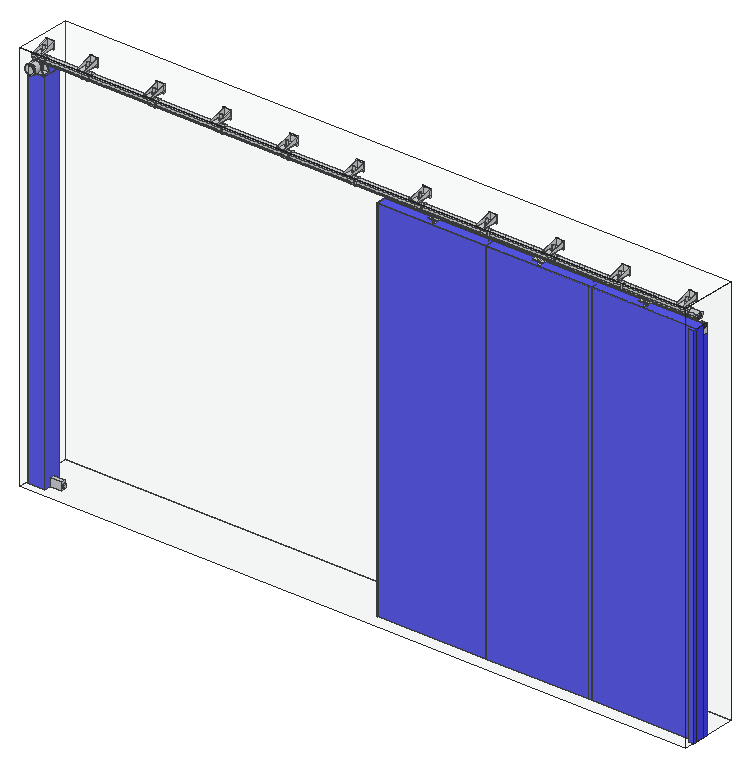
Revit family "Somati-System_SGS_Horizontal-fire-sliding-door_9040_lintel_counterweight-behind-door-access_EI60_W-to-H-less-or-equal-1,3", category Doors, host Wall, Revit 2018
Family settings
  Host = Wall
  OmniClass Number = 23.30.10.00
  OmniClass Title = Doors
  Always vertical = Yes
  Cut with Voids When Loaded = No
  Shared = No
  Room Calculation Point = No
Parameters (values of type "EI 60")
  Youtube clip = "https://www.youtube.com/watch?v=pRjbxBvixFY&feature=emb_logo"
  Wing top offset [instance] = 88 mm  # constant formula
  Wing thickness = 71.2 mm
  Wing middle offset = 80 mm
  Wing access (D) [instance] = [Width (W)] + 150 mm  # 3150 mm
  Width (W) [instance] = 3000 mm
  Weight Net (Kg) = "0"
  Uniformat II Description = ""
  Uniformat II Code = ""
  Uniclass 2015 Name = ""
  Uniclass 2015 Code = ""
  Uniclass 2.0 Description = ""
  Uniclass 2.0 Code = ""
  Uniclass 1.4 Description = ""
  Uniclass 1.4 Code = ""
  UNSPSC Code = ""
  Total height (Z) [instance] = Height Control + 315 mm  # 3815 mm
  Thickness = 0 mm
  Technical description = "https://somati-system.pl/en/download/sgs-download-en/"
  Region South America = "None"
  Region Oceania = "None"
  Region North America = "None"
  Region Middle East = "None"
  Region Europe = "AD, AL, AT, AX, BA, BE, BG, BY, CH, CY, CZ, DE, DK, EE, ES, FI, FO, FR, GB, GG, GI, GR, HR, HU, IE, IM, IS, IT, JE, LI, LT, LU, LV, MC, MD, ME, MK, MT, NL, NO, PL, PT, RO, RS, RU, SE, SI, SJ, SK, SM, UA, VA"
  Region Asia = "None"
  Region Antarctica = "None"
  Region Africa = "None"
  Rail and assembly materials [instance] = none
  QR code = "http://bimobject.com/somati-system/product/SGS_HORIZONTAL_FIRE_SLIDING_DOOR"
  Product url = "https://somati-system.pl/en/products/sgs-horizontal-fire-sliding-doors/"
  Product group = "SGS"
  Product family = "SGS"
  Product data url = "https://bimobject.com/somati-system/product/SGS_HORIZONTAL_FIRE_SLIDING_DOOR"
  Product certification = ""
  Product SKU = "SGS_HORIZONTAL_FIRE_SLIDING_DOOR"
  Product Guid = "8235eb12-0acf-4b60-9ca9-7613396e8d01"
  Power supply of control panel = "230V/50Hz/6A"  # constant formula
  Panel width [instance] = ([Width (W)] + 168 mm) / Number of panels in wing  # 1056 mm
  Panel material = Somati - Stainless Steel - Custom
  Panel height [instance] = Height Control + Wing top offset  # 3588 mm
  OmniClass Description = ""
  OmniClass Code = ""
  Offset Right [instance] = 0 mm
  Offset Left [instance] = [Counterweight housing (A2)]  # 180 mm
  Number of panels in wing [instance] = roundup([Width (W)] / 1000 mm)  # 3
  Number of hangers [instance] = ([Guide rail length (K)] - 420 mm) / 600 mm  # 10
  Nominal width = 0 mm
  Nominal height = 0 mm
  NBS Reference Description = ""
  NBS Reference Code = ""
  Model = "SGS"  # constant formula
  Max number of opening cycles = 50000  # constant formula
  Material secondary = "Composite"
  Material main = "Steel"
  Masterformat 2014 Description = ""
  Masterformat 2014 Code = ""
  Manufacturer name = "Somati System"
  Manufacturer country = "Poland"
  Manufacturer = "Somati System"  # constant formula
  Installation instructions = ""
  IFC Classification = ""
  Height Control [instance] = if([Height (H)] > 3500 mm, 3500 mm, [Height (H)])  # 3500 mm
  Height (H) [instance] = 3500 mm
  Guide rail lower edge (B1) [instance] = Height Control + 160 mm  # 3660 mm
  Guide rail length (K) [instance] = [Wing access (D)] + [Width (W)] + [Counterweight housing (A2)]  # 6330 mm
  Gate Control type = "Electromagnetic brake"  # constant formula
  GTIN code = ""
  Function = Interior
  Height = 3000 mm
  Wall Closure = By host
  Width = 3000 mm
  Fire resistance = "EI 60, EI 120 n"  # constant formula
  Edition number = 1
  Design country = "Poland"
  Date of publishing = ""
  Counterweight housing (A2) [instance] = if([Width (W)] / Height Control > 1.3, 310 mm, 180 mm)  # 180 mm
  Console mounting axis (B2) [instance] = if(Height Control > 3500 mm, Height Control + 239 mm, Height Control + 179 mm)  # 3679 mm
  Clearance Area Visibility [instance] = yes
  COBIe Type Category = ""
  Buffer (A1) [instance] = [Width (W)] + 280 mm  # 3280 mm
  Brand url = ""
  BIMobject main category code = "doors"
  BIMobject main category = "Doors"
  BIMobject category code = "doors-fire"
  BIMobject category = "Fire Doors & Shutters"
  Available surface fnish = "Galvanized Stainless Steel PVC, MDF, HDF, laminate or veneer, STANDARD RAL 7035, 9002, 9006, 9010, and powder coating of whole RAL pallet"  # constant formula
Reference planes
  plane 1: y = 0
  plane 2 "Center (Left/Right)": x = 0
  plane 3 "Left": x = -1500
  plane 4 "Right": x = 1500
  plane 5 "Cutout height": z = 3500
  plane 6 "Exterior": y = 150
  plane 7 "Interior": y = -150
  plane 8 "Consoles mounting axis": z = 3679
  plane 9 "Total height top": z = 3815
  plane 10 "Guide rail bottom": z = 3660
  plane 11 "Wing access": x = -4650
  plane 12 "Buffer placement": x = -4780
  plane 13 "Handle": z = 1050
  plane 14 "Wing end left": x = -1608
  plane 15 "Wing end top": z = 3588
  plane 16 "Wing end right": x = 1500
  plane 17: y = -324
  plane 18 "Wing axis": y = -230
  plane 19: y = -75
  plane 20: y = -184.9
  plane 21: y = -275.1
  plane 22: x = -1610
  plane 23 "end of hangers": x = -4440
  plane 24: x = -1040
  plane 25: x = -1545
  plane 26: y = -300.1
  plane 27: y = -159.9
  plane 28: x = -4960
  plane 29: x = -4789
  plane 30: x = -4874.5
  plane 31: x = 1500
  plane 32: x = -4960
  plane 33: x = -4870
  plane 34: z = 3740
  plane 35: y = -400.45
  plane 36: z = 3654
  plane 37: x = 1370
Forms (mm)
  Sweep 1, solid
    path origin (0, -150, 0) x (1, 0, 0) y (0, 0, 1)
      loop
        line (-1500, 0) -> (-1500, 3482) -> (1500, 3482)
    profile origin (-1500, -150, 1741) x (-1, 0, 0) y (0, -1, 0)
      loop
        line (18, 33) -> (18, 4)
        arc (18, 4) -> (19.172, 1.172) -> (22, 0) r 4
        line (22, 0) -> (64, 0)
        arc (64, 0) -> (66.828, 1.172) -> (68, 4) r 4
        line (68, 4) -> (68, 29)
        arc (68, 29) -> (68.586, 30.414) -> (70, 31) r 2
        line (70, 31) -> (91, 31) -> (91, 33) -> (18, 33)
  Sweep 2, solid, material "Somati - Stainless Steel - Custom" <- "Panel material"
    path origin (0, -150, 0) x (1, 0, 0) y (0, 0, 1)
      loop
        line (-1608, 3588) -> (-1608, 0)
    profile origin (-1608, -150, 1794) x (0, -1, 0) y (1, 0, 0)
      loop
        arc (18.1, 2) -> (19.272, -0.828) -> (22.1, -2) r 4
        line (22.1, -2) -> (114.1, -2)
        arc (114.1, -2) -> (116.928, -0.828) -> (118.1, 2) r 4
        line (118.1, 2) -> (118.1, 13) -> (116.1, 13) -> (116.1, 2)
        arc (116.1, 2) -> (115.514, 0.586) -> (114.1, 0) r 2
        line (114.1, 0) -> (22.1, 0)
        arc (22.1, 0) -> (20.686, 0.586) -> (20.1, 2) r 2
        line (20.1, 2) -> (20.1, 23) -> (18.1, 23) -> (18.1, 2)
  Sweep 3, solid, material "Somati - Stainless Steel - Custom" <- "Panel material"
    path origin (0, -150, 0) x (1, 0, 0) y (0, 0, 1)
      loop
        line (-1610, 3588) -> (1500, 3588)
    profile origin (-55, -150, 3588) x (0, 0, 1) y (0, -1, 0)
      loop
        line (-23, 19.5) -> (-23, 17.5) -> (-2, 17.5)
        arc (-2, 17.5) -> (0.828, 18.672) -> (2, 21.5) r 4
        line (2, 21.5) -> (2, 117.5) -> (0, 117.5) -> (0, 21.5)
        arc (0, 21.5) -> (-0.586, 20.086) -> (-2, 19.5) r 2
        line (-2, 19.5) -> (-23, 19.5)
  Sweep 4, solid, material <- "Rail and assembly materials"
    path origin (0, -230, 0) x (0, 0, -1) y (-1, 0, 0)
      loop
        line (-3655.5, 4960) -> (-3655.5, -1500)
    profile origin (-1730, -230, 3655.5) x (0, 0, -1) y (0, 1, 0)
      loop
        line (-4.5, -10) -> (-7.5, -10) -> (-7.5, -17.27)
        arc (-7.5, -17.27) -> (-7.68, -17.833) -> (-8.154, -18.187) r 0.97
        line (-8.154, -18.187) -> (-21.563, -22.805)
        arc (-21.563, -22.805) -> (-22.137, -22.951) -> (-22.728, -23) r 3.578
        line (-22.728, -23) -> (-45.523, -23)
        arc (-45.523, -23) -> (-46.214, -22.714) -> (-46.5, -22.023) r 0.977
        line (-46.5, -22.023) -> (-46.5, 21.985)
        arc (-46.5, 21.985) -> (-46.203, 22.703) -> (-45.485, 23) r 1.015
        line (-45.485, 23) -> (-22.73, 23)
        arc (-22.73, 23) -> (-22.137, 22.951) -> (-21.56, 22.804) r 3.593
        line (-21.56, 22.804) -> (-8.141, 18.183)
        arc (-8.141, 18.183) -> (-7.677, 17.836) -> (-7.5, 17.283) r 0.951
        line (-7.5, 17.283) -> (-7.5, 10) -> (-4.5, 10) -> (-4.5, 19.391)
        arc (-4.5, 19.391) -> (-4.707, 20) -> (-5.242, 20.357) r 1
        line (-5.242, 20.357) -> (-20.589, 25.643)
        arc (-20.589, 25.643) -> (-21.5, 25.91) -> (-22.445, 26) r 5
        line (-22.445, 26) -> (-46.5, 26)
        arc (-46.5, 26) -> (-48.621, 25.121) -> (-49.5, 23) r 3
        line (-49.5, 23) -> (-49.5, -23)
        arc (-49.5, -23) -> (-48.621, -25.121) -> (-46.5, -26) r 3
        line (-46.5, -26) -> (-22.445, -26)
        arc (-22.445, -26) -> (-21.5, -25.91) -> (-20.589, -25.643) r 5
        line (-20.589, -25.643) -> (-5.242, -20.357)
        arc (-5.242, -20.357) -> (-4.707, -20) -> (-4.5, -19.391) r 1
        line (-4.5, -19.391) -> (-4.5, -10)
  Extrusion 5, solid, material "Clearance Areas", visible <- "Clearance Area Visibility"
    sketch origin (-2209.467, 358.585, 220.701) x (1, 0, 0) y (0, 0, -1)
      loop
        line (-2750.533, 220.701) -> (-2750.533, -3594.299) -> (3709.467, -3594.299) -> (3709.467, 220.701) -> (-2750.533, 220.701)
    from -759.035 to -208.585
  Sweep 6, solid, material "Somati - Stainless Steel - Custom" <- "Panel material"
    path origin (0, -150, 0) x (1, 0, 0) y (0, 0, 1)
      loop
        line (-4960, 0) -> (-4960, 3588)
    profile origin (-4960, -150, 1794) x (-1, 0, 0) y (0, -1, 0)
      loop
        line (-171, 161) -> (-171, 0) -> (0, 0) -> (0, 161) -> (-171, 161)
      loop
        line (-168, 3) -> (-3, 3) -> (-3, 157) -> (-168, 157) -> (-168, 3)
  Sweep 7, solid, material "Somati - Stainless Steel - Custom" <- "Panel material"
    path origin (0, -150, 0) x (1, 0, 0) y (0, 0, 1)
      loop
        line (1500, 0) -> (1500, 3588)
    profile origin (1500, -150, 1794) x (-1, 0, 0) y (0, -1, 0)
      loop
        line (51, 0) -> (51, 33) -> (2, 33) -> (2, 124) -> (48, 124) -> (48, 161) -> (0, 161) -> (0, 0) -> (51, 0)
Lines and regions (mm)
  Opening 1
    outline origin (-3050, -150, 0) x (1, 0, 0) y (0, 0, 1)
      loop
        line (1550, 0) -> (4550, 0) -> (4550, 3500) -> (1550, 3500) -> (1550, 0)
Text (mm)
  text "Exterior" at (-2295.016, 1099.543, 0), in view "Ref. Level"
  text "Exterior" at (0, 1615.38, 3698.081), in view "Left"
  text "Exterior" at (0, 1036.032, 3874.932), in view "Right"
Dimensions and locks
  equal spacing: plane 3 "Left", plane 2 "Center (Left/Right)", plane 4 "Right"
  "Width (W)": plane 3 "Left" to plane 4 "Right"
  "Height Control": plane 5 "Cutout height" to host wall
  host wall to plane 5 "Cutout height" = 3500 mm  (x2)
  locked: plane 6 "Exterior" to host wall at 0
  locked: plane 7 "Interior" to host wall
  "Total height (Z)": plane 9 "Total height top" to level
  "Console mounting axis (B2)": plane 8 "Consoles mounting axis" to level
  "Guide rail lower edge (B1)": plane 10 "Guide rail bottom" to level
  "Buffer (A1)": plane 12 "Buffer placement" to plane 3 "Left"
  "Wing access (D)": plane 11 "Wing access" to plane 3 "Left"
  locked: plane 13 "Handle" to level at 1050
  equal spacing: plane 20, plane 18 "Wing axis", plane 21
  equal spacing: group 1, group 6, group 2  (x3)
  "Wing top offset": plane 15 "Wing end top" to plane 5 "Cutout height"
  locked: plane 22 to plane 14 "Wing end left" at 2
  locked: Sweep 1 sketch curve to plane 5 "Cutout height" at 18
  locked: plane 23 "end of hangers" to plane 11 "Wing access" at 210
  equal spacing: group 4, group 13, group 12, group 11, group 10, group 9, group 8, group 7, group 5, group 3
  equal spacing: group 3, group 5, group 7, group 8, group 9, group 10, group 11, group 12, group 13, group 4  (x2)
  locked: plane 25 to plane 3 "Left" at 45
  locked: plane 27 to plane 20 at 25
  locked: plane 21 to plane 26 at 25
  locked: plane 14 "Wing end left" to plane 3 "Left" at 108
  "Counterweight housing (A2)": plane 28 to plane 12 "Buffer placement"
  locked: Sweep 6 sketch curve to Sweep 6 sketch curve at 3  (x2)
  locked: plane 29 to plane 12 "Buffer placement" at 9
  equal spacing: plane 29, plane 30, plane 28
  "Offset Left": plane 32 to plane 12 "Buffer placement"
  "Offset Right": plane 4 "Right" to plane 31
  equal spacing: plane 28, plane 33, plane 12 "Buffer placement"
  "Wing middle offset": host wall to plane 18 "Wing axis"
  plane 9 "Total height top" to plane 5 "Cutout height" = 315 mm
  locked: host wall to plane 35 at 250.45
  locked: plane 36 to plane 15 "Wing end top" at 66
  locked: plane 31 to plane 37 at 130
  locked: plane 18 "Wing axis" to host wall at 80
  aligned and locked: plane 3 "Left" to Opening 1 sketch curve
  aligned and locked: plane 5 "Cutout height" to Opening 1 sketch curve  (x2)
  aligned and locked: Opening 1 sketch curve to plane 4 "Right"
  aligned and locked: Opening 1 sketch curve to level
  aligned and locked: host wall to plane 1
  aligned and locked: nested 1 to plane 18 "Wing axis"
  aligned and locked: plane 14 "Wing end left" to nested 1
  aligned and locked: plane 16 "Wing end right" to nested 2
  aligned and locked: Sweep 1 sketch curve to plane 3 "Left"
  aligned and locked: plane 3 "Left" to Sweep 1 sketch curve
  aligned and locked: plane 4 "Right" to Sweep 1 sketch curve
  aligned and locked: level to Sweep 1 sketch curve
  aligned and locked: Sweep 2 sketch curve to plane 14 "Wing end left"
  aligned and locked: plane 15 "Wing end top" to Sweep 2 sketch curve
  aligned and locked: level to Sweep 2 sketch curve
  aligned and locked: Sweep 3 sketch curve to plane 15 "Wing end top"
  aligned and locked: Sweep 3 sketch curve to plane 22
  aligned and locked: plane 16 "Wing end right" to Sweep 3 sketch curve
  aligned and locked: plane 18 "Wing axis" to nested 3
  aligned and locked: nested 4 to plane 23 "end of hangers"
  aligned and locked: Sweep 4 to plane 10 "Guide rail bottom"
  aligned and locked: plane 6 "Exterior" to Extrusion 5
  aligned and locked: plane 9 "Total height top" to Extrusion 5
  aligned and locked: nested 2 to plane 18 "Wing axis"
  aligned and locked: plane 18 "Wing axis" to nested 4
  aligned and locked: nested 6 to plane 18 "Wing axis"
  aligned and locked: nested 6 to plane 12 "Buffer placement"
  aligned and locked: plane 15 "Wing end top" to Sweep 6 sketch curve
  aligned and locked: Sweep 6 sketch curve to plane 28
  aligned and locked: Sweep 6 sketch curve to plane 29
  aligned and locked: Sweep 7 sketch curve to plane 4 "Right"
  aligned and locked: plane 15 "Wing end top" to Sweep 7 sketch curve
  aligned and locked: plane 32 to Sweep 4 sketch curve
  aligned and locked: plane 31 to Sweep 4 sketch curve
  aligned and locked: host wall to nested 15
  aligned and locked: plane 9 "Total height top" to nested 3
  aligned and locked: plane 9 "Total height top" to nested 5
  aligned and locked: nested 15 to plane 9 "Total height top"
  aligned and locked: Extrusion 5 to plane 32
  aligned and locked: plane 31 to Extrusion 5
  aligned and locked: nested 15 to plane 33
  aligned and locked: nested 16 to plane 18 "Wing axis"
  aligned and locked: plane 33 to nested 16
  aligned and locked: Extrusion 5 to plane 35
  aligned and locked: nested 16 to plane 36
  aligned and locked: plane 31 to plane 16 "Wing end right"
  aligned and locked: nested 3 to plane 37
Automatic sketch dimensions
  Sweep 6 sketch curve to plane 28 = 0 mm
  Sweep 6 sketch curve to plane 13 "Handle" = 1050 mm
  plane 7 "Interior" to Sweep 1 sketch curve = 0 mm
  Sweep 1 sketch curve to profile plane = 18 mm
  Sweep 1 sketch curve to Sweep 1 sketch curve = 4 mm
  plane 7 "Interior" to Sweep 1 sketch curve = 4 mm
  Sweep 1 sketch curve to Sweep 1 sketch curve = 42 mm
  Sweep 1 sketch curve to Sweep 1 sketch curve = 2 mm
  Sweep 1 sketch curve to Sweep 1 sketch curve = 21 mm
  Sweep 1 sketch curve to Sweep 1 sketch curve = 25 mm
  Sweep 1 sketch curve to Sweep 1 sketch curve = 29 mm
  Sweep 2 sketch curve to Sweep 2 sketch curve = 0 mm  (x4)
  Sweep 2 sketch curve to profile plane = 0 mm
  Sweep 2 sketch curve to profile plane = 2 mm  (x2)
  plane 7 "Interior" to Sweep 2 sketch curve = 18.1 mm
  Sweep 2 sketch curve to Sweep 2 sketch curve = 2 mm
  Sweep 2 sketch curve to Sweep 2 sketch curve = 92 mm
  Sweep 2 sketch curve to Sweep 2 sketch curve = 11 mm
  Sweep 2 sketch curve to Sweep 2 sketch curve = 21 mm
  Sweep 3 sketch curve to Sweep 3 sketch curve = 0 mm  (x2)
  profile plane to Sweep 3 sketch curve = 0 mm
  profile plane to Sweep 3 sketch curve = 2 mm
  Sweep 3 sketch curve to Sweep 3 sketch curve = 21 mm
  Sweep 3 sketch curve to Sweep 3 sketch curve = 2 mm
  plane 7 "Interior" to Sweep 3 sketch curve = 17.5 mm
  Sweep 3 sketch curve to Sweep 3 sketch curve = 96 mm
  Extrusion 5 sketch curve to plane 9 "Total height top" = 0 mm
  Extrusion 5 sketch curve to plane 12 "Buffer placement" = 180 mm
  Extrusion 5 sketch curve to level = 0 mm
  Sweep 6 sketch curve to plane 7 "Interior" = 0 mm
  plane 7 "Interior" to Sweep 6 sketch curve = 3 mm
  Sweep 6 sketch curve to Sweep 6 sketch curve = 154 mm
  Sweep 6 sketch curve to Sweep 6 sketch curve = 4 mm
  Sweep 7 sketch curve to plane 13 "Handle" = 1050 mm
  plane 7 "Interior" to Sweep 7 sketch curve = 0 mm
  profile plane to Sweep 7 sketch curve = 0 mm
  Sweep 7 sketch curve to Sweep 7 sketch curve = 2 mm
  Sweep 7 sketch curve to profile plane = 48 mm
  Sweep 7 sketch curve to profile plane = 51 mm
  plane 7 "Interior" to Sweep 7 sketch curve = 33 mm
  Sweep 7 sketch curve to Sweep 7 sketch curve = 91 mm
  Sweep 7 sketch curve to Sweep 7 sketch curve = 37 mm
  Sweep 4 sketch curve to plane 10 "Guide rail bottom" = 4.5 mm
  profile plane to Sweep 4 sketch curve = 49.5 mm
  Sweep 4 sketch curve to Sweep 4 sketch curve = 3 mm  (x3)
  Sweep 4 sketch curve to Sweep 4 sketch curve = 0 mm
  Sweep 4 sketch curve to Sweep 4 sketch curve = 0.977 mm
  Sweep 4 sketch curve to Sweep 4 sketch curve = 1.015 mm  (x2)
  Sweep 4 sketch curve to Sweep 4 sketch curve = 22.755 mm
  Sweep 4 sketch curve to Sweep 4 sketch curve = 22.795 mm
  Sweep 4 sketch curve to Sweep 4 sketch curve = 0.282 mm
  Sweep 4 sketch curve to Sweep 4 sketch curve = 0.285 mm
  Sweep 4 sketch curve to Sweep 4 sketch curve = 1.165 mm
  Sweep 4 sketch curve to Sweep 4 sketch curve = 1.17 mm
  Sweep 4 sketch curve to Sweep 4 sketch curve = 1.857 mm  (x2)
  Sweep 4 sketch curve to Sweep 4 sketch curve = 13.093 mm
  Sweep 4 sketch curve to Sweep 4 sketch curve = 13.109 mm
  Sweep 4 sketch curve to Sweep 4 sketch curve = 0.316 mm
  Sweep 4 sketch curve to Sweep 4 sketch curve = 0.31 mm
  Sweep 4 sketch curve to Sweep 4 sketch curve = 0.951 mm
  Sweep 4 sketch curve to Sweep 4 sketch curve = 0.97 mm
  Sweep 4 sketch curve to Sweep 4 sketch curve = 2.641 mm
  Sweep 4 sketch curve to Sweep 4 sketch curve = 2.654 mm
  Sweep 4 sketch curve to Sweep 4 sketch curve = 0.258 mm  (x2)
  Sweep 4 sketch curve to Sweep 4 sketch curve = 1 mm
  Sweep 4 sketch curve to plane 18 "Wing axis" = 26 mm
  Sweep 4 sketch curve to Sweep 4 sketch curve = 0.357 mm
  Sweep 4 sketch curve to Sweep 4 sketch curve = 2 mm
  Sweep 4 sketch curve to Sweep 4 sketch curve = 0.195 mm
  Sweep 4 sketch curve to Sweep 4 sketch curve = 5.286 mm
  Sweep 4 sketch curve to Sweep 4 sketch curve = 1.204 mm
  Sweep 4 sketch curve to Sweep 4 sketch curve = 7.27 mm
  Sweep 4 sketch curve to Sweep 4 sketch curve = 20 mm
  Sweep 4 sketch curve to Sweep 4 sketch curve = 7.283 mm
  Sweep 4 sketch curve to Sweep 4 sketch curve = 2.108 mm
  Sweep 4 sketch curve to Sweep 4 sketch curve = 2.124 mm
  Sweep 4 sketch curve to Sweep 4 sketch curve = 1.593 mm
  Sweep 4 sketch curve to Sweep 4 sketch curve = 2.577 mm
  Extrusion 5 sketch curve to plane 16 "Wing end right" = 0 mm
Nested families
  nested 1: "Family2" at (-1080, -230, 0), Material <- "Panel material", Width <- "Panel width", Thickness <- "Wing thickness", Height <- "Panel height", type "Family2"
    with Width 1056 mm, Thickness 71.2 mm, Material Somati - Stainless Steel - Custom, Height 3588 mm
  nested 2: "Family2" at (972, -230, 0), Material <- "Panel material", Width <- "Panel width", Thickness <- "Wing thickness", Height <- "Panel height", type "Family2"
    with Width 1056 mm, Thickness 71.2 mm, Material Somati - Stainless Steel - Custom, Height 3588 mm
  nested 3: "Family3" at (1336, -230, 3725) x (0, 1, 0) z (1, 0, 0), type "Family3", detail levels medium+fine
  nested 4: "Family3" at (-4474, -230, 3725) x (0, 1, 0) z (1, 0, 0), type "Family3", detail levels medium+fine
  nested 5: "Family3" at (690.444, -230, 3725) x (0, 1, 0) z (1, 0, 0), type "Family3", detail levels medium+fine
  nested 6: "Stopper" at (-4730.037, -230, 0), type "Stopper", detail levels medium+fine
  nested 7: "Family2" at (-54, -230, 0), Material <- "Panel material", Width <- "Panel width", Thickness <- "Wing thickness", Height <- "Panel height", type "Family2"
    with Width 1056 mm, Thickness 71.2 mm, Material Somati - Stainless Steel - Custom, Height 3588 mm
  nested 8: "Family3" at (44.889, -230, 3725) x (0, 1, 0) z (1, 0, 0), type "Family3", detail levels medium+fine
  nested 9: "Family3" at (-600.667, -230, 3725) x (0, 1, 0) z (1, 0, 0), type "Family3", detail levels medium+fine
  nested 10: "Family3" at (-1246.222, -230, 3725) x (0, 1, 0) z (1, 0, 0), type "Family3", detail levels medium+fine
  nested 11: "Family3" at (-1891.778, -230, 3725) x (0, 1, 0) z (1, 0, 0), type "Family3", detail levels medium+fine
  nested 12: "Family3" at (-2537.333, -230, 3725) x (0, 1, 0) z (1, 0, 0), type "Family3", detail levels medium+fine
  nested 13: "Family3" at (-3182.889, -230, 3725) x (0, 1, 0) z (1, 0, 0), type "Family3", detail levels medium+fine
  nested 14: "Family3" at (-3828.444, -230, 3725) x (0, 1, 0) z (1, 0, 0), type "Family3", detail levels medium+fine
  nested 15: "Family3" at (-4836, -230, 3725) x (0, 1, 0) z (-1, 0, 0), type "Family3"
  nested 16: "brake" at (-4870, -230, 3633.165) x (1, 0, 0) z (0, -1, 0), type "brake"
Definition of nested family "Family2"
  Parameters (values of type "Family2")
    Width [instance] = 349.761 mm
    Thickness [instance] = 117.742 mm
    Material [instance] = none
    Height [instance] = 398.765 mm
    Hardware material = none
  Reference planes
    plane 1 "Center (Front/Back)": y = 0
    plane 2: z = 0
    plane 3 "Center (Left/Right)": x = 0
    plane 4: x = -174.88
    plane 5: x = 174.88
    plane 6: y = 58.871
    plane 7: y = -58.871
    plane 8: z = 398.765
  Forms (mm)
    Extrusion 1, solid, material <- "Material"
      sketch origin (0, 0, 0) x (1, 0, 0) y (0, 1, 0)
        loop
          line (-174.88, -58.871) -> (174.88, -58.871) -> (174.88, 58.871) -> (-174.88, 58.871) -> (-174.88, -58.871)
      from 0 to 398.765
  Dimensions and locks
    equal spacing: plane 4, plane 3 "Center (Left/Right)", plane 5
    "Width": plane 4 to plane 5
    equal spacing: plane 6, plane 1 "Center (Front/Back)", plane 7
    "Thickness": plane 6 to plane 7
    "Height": plane 8 to plane 2
    aligned and locked: level to plane 2
    aligned and locked: plane 6 to Extrusion 1
    aligned and locked: Extrusion 1 to plane 7
    aligned and locked: Extrusion 1 to plane 4
    aligned and locked: plane 5 to Extrusion 1
    aligned and locked: plane 6 to Extrusion 1 sketch curve
    aligned and locked: Extrusion 1 sketch curve to plane 7
    aligned and locked: Extrusion 1 sketch curve to plane 4
    aligned and locked: plane 5 to Extrusion 1 sketch curve
    aligned and locked: plane 8 to Extrusion 1
    aligned and locked: plane 3 "Center (Left/Right)" to nested 1
    aligned and locked: plane 1 "Center (Front/Back)" to nested 1
    aligned and locked: nested 1 to plane 8
  Nested families
    nested 1: "Family1" at (0, 0, 491.765), type "Family1", detail levels medium+fine
  Definition of nested family "Family1"
    Parameters (values of type "Family1")
      Material = none
    Reference planes
      plane 1 "Center (Front/Back)": y = 0
      plane 2: z = 0
      plane 3 "Center (Left/Right)": x = 0
      plane 4: y = 1.5
      plane 5: y = -1.5
      plane 6: z = -93
    Forms (mm)
      Extrusion 1, solid, material <- "Material"
        sketch origin (0, 0, 0) x (0, 1, 0) y (0, 0, 1)
          loop
            line (11, -54) -> (-26.5, -54) -> (-26.5, -60) -> (11, -60)
            arc (11, -60) -> (16.303, -57.803) -> (18.5, -52.5) r 7.5
            line (18.5, -52.5) -> (18.5, -45.5)
            arc (18.5, -45.5) -> (16.303, -40.197) -> (11, -38) r 7.5
            line (11, -38) -> (9, -38)
            arc (9, -38) -> (4.757, -36.243) -> (3, -32) r 6
            line (3, -32) -> (3, 17.5) -> (-3, 17.5) -> (-3, -32)
            arc (-3, -32) -> (0.515, -40.485) -> (9, -44) r 12
            line (9, -44) -> (11, -44)
            arc (11, -44) -> (12.061, -44.439) -> (12.5, -45.5) r 1.5
            line (12.5, -45.5) -> (12.5, -52.5)
            arc (12.5, -52.5) -> (12.061, -53.561) -> (11, -54) r 1.5
        from -45 to 45
      Revolve 2, solid, material <- "Material"
        sketch origin (0, 0, 0) x (1, 0, 0) y (0, 0, 1)
          loop
            arc (8.25, -46) -> (4.244, -44.507) -> (0, -44) r 18.016
            line (0, -44) -> (0, -184) -> (6.5, -184) -> (8, -182.5) -> (8, -91) -> (10.125, -91)
            arc (10.125, -91) -> (11.933, -90.664) -> (13.5, -89.7) r 5.031
            line (13.5, -89.7) -> (13.5, -84.8)
            arc (13.5, -84.8) -> (12.037, -83.478) -> (10.125, -83) r 4.064
            line (10.125, -83) -> (8, -83) -> (8, -71) -> (10.125, -71)
            arc (10.125, -71) -> (11.933, -70.664) -> (13.5, -69.7) r 5.031
            line (13.5, -69.7) -> (13.5, -64.8)
            arc (13.5, -64.8) -> (12.037, -63.478) -> (10.125, -63) r 4.064
            line (10.125, -63) -> (15, -63) -> (15, -60) -> (8, -60) -> (8, -54) -> (16.5, -54) -> (16.5, -46)
            arc (16.5, -46) -> (12.375, -44) -> (8.25, -46) r 5.254
          axis (0, -44) -> (0, -184)
        angle from 0 to 360
      Extrusion 3, void
        sketch origin (0, 0, 0) x (1, 0, 0) y (0, 0, 1)
          loop
            line (45, -25) -> (45, 17.5) -> (-45, 17.5) -> (-45, -25)
            arc (-45, -25) -> (0, 15) -> (45, -25) r 45.312
        from -23 to 30.5
      Extrusion 4, solid, material <- "Material"
        sketch origin (0, 0, 0) x (1, 0, 0) y (0, 0, 1)
          loop
            circle (70, 0) r 17
        from -17 to -7
      Sweep 5, void
        path in 3D
          loop
            arc (87, 7, 0) -> (70, 7, -17) -> (53, 7, 0) r 17
            arc (53, 7, 0) -> (70, 7, 17) -> (87, 7, 0) r 17
        profile origin (70, 7, 17) x (0, 0, 1) y (0, -1, 0)
          loop
            line (-1.5, 0) -> (0, -1.5) -> (0.954, -0.546) -> (-0.546, 0.954) -> (-1.5, 0)
      Sweep 6, void
        path in 3D
          loop
            arc (87, 17, 0) -> (70, 17, -17) -> (53, 17, 0) r 17
            arc (53, 17, 0) -> (70, 17, 17) -> (87, 17, 0) r 17
        profile origin (70, 17, 17) x (0, 0, -1) y (0, 1, 0)
          loop
            line (1.5, 0) -> (0.546, 0.954) -> (-0.954, -0.546) -> (0, -1.5) -> (1.5, 0)
      Extrusion 7, solid, material <- "Material"
        sketch origin (0, 0, 0) x (1, 0, 0) y (0, 0, 1)
          loop
            circle (70, 0) r 9
        from -7 to -3
      Extrusion 8, solid, material <- "Material"
        sketch origin (0, 0, 0) x (1, 0, 0) y (0, 0, -1)
          loop
            circle (70, 0) r 17
        from -17 to -7
      Sweep 9, void
        path in 3D
          loop
            arc (53, -7, 0) -> (70, -7, -17) -> (87, -7, 0) r 17
            arc (87, -7, 0) -> (70, -7, 17) -> (53, -7, 0) r 17
        profile origin (70, -7, 17) x (0, 0, 1) y (0, 1, 0)
          loop
            line (-1.5, 0) -> (0, -1.5) -> (0.954, -0.546) -> (-0.546, 0.954) -> (-1.5, 0)
      Sweep 10, void
        path in 3D
          loop
            arc (87, -17, 0) -> (70, -17, -17) -> (53, -17, 0) r 17
            arc (53, -17, 0) -> (70, -17, 17) -> (87, -17, 0) r 17
        profile origin (70, -17, 17) x (0, 0, 1) y (0, -1, 0)
          loop
            line (-1.5, 0) -> (0, -1.5) -> (0.954, -0.546) -> (-0.546, 0.954) -> (-1.5, 0)
      Extrusion 11, solid, material <- "Material"
        sketch origin (0, 0, 0) x (1, 0, 0) y (0, 0, -1)
          loop
            circle (70, 0) r 9
        from -7 to -3
      Extrusion 12, solid, material <- "Material"
        sketch origin (0, 0, 0) x (-1, 0, 0) y (0, 0, -1)
          loop
            circle (70, 0) r 17
        from -17 to -7
      Sweep 13, void
        path in 3D
          loop
            arc (-53, 7, 0) -> (-70, 7, -17) -> (-87, 7, 0) r 17
            arc (-87, 7, 0) -> (-70, 7, 17) -> (-53, 7, 0) r 17
        profile origin (-70, 7, 17) x (0, 0, 1) y (0, -1, 0)
          loop
            line (-1.5, 0) -> (0, -1.5) -> (0.954, -0.546) -> (-0.546, 0.954) -> (-1.5, 0)
      Sweep 14, void
        path in 3D
          loop
            arc (-87, 17, 0) -> (-70, 17, -17) -> (-53, 17, 0) r 17
            arc (-53, 17, 0) -> (-70, 17, 17) -> (-87, 17, 0) r 17
        profile origin (-70, 17, 17) x (0, 0, 1) y (0, 1, 0)
          loop
            line (-1.5, 0) -> (0, -1.5) -> (0.954, -0.546) -> (-0.546, 0.954) -> (-1.5, 0)
      Extrusion 15, solid, material <- "Material"
        sketch origin (0, 0, 0) x (-1, 0, 0) y (0, 0, -1)
          loop
            circle (70, 0) r 9
        from -7 to -1.5
      Extrusion 16, solid, material <- "Material"
        sketch origin (0, 0, 0) x (-1, 0, 0) y (0, 0, 1)
          loop
            circle (70, 0) r 17
        from -17 to -7
      Sweep 17, void
        path in 3D
          loop
            arc (-87, -7, 0) -> (-70, -7, -17) -> (-53, -7, 0) r 17
            arc (-53, -7, 0) -> (-70, -7, 17) -> (-87, -7, 0) r 17
        profile origin (-70, -7, 17) x (0, 0, 1) y (0, 1, 0)
          loop
            line (-1.5, 0) -> (0, -1.5) -> (0.954, -0.546) -> (-0.546, 0.954) -> (-1.5, 0)
      Sweep 18, void
        path in 3D
          loop
            arc (-87, -17, 0) -> (-70, -17, -17) -> (-53, -17, 0) r 17
            arc (-53, -17, 0) -> (-70, -17, 17) -> (-87, -17, 0) r 17
        profile origin (-70, -17, 17) x (0, 0, -1) y (0, -1, 0)
          loop
            line (1.5, 0) -> (0.546, 0.954) -> (-0.954, -0.546) -> (0, -1.5) -> (1.5, 0)
      Extrusion 19, solid, material <- "Material"
        sketch origin (0, 0, 0) x (-1, 0, 0) y (0, 0, 1)
          loop
            circle (70, 0) r 9
        from -7 to -1.5
      Extrusion 20, solid, material <- "Material"
        sketch origin (0, 0, 0) x (1, 0, 0) y (0, 0, 1)
          loop
            line (87, 17.5) -> (-87, 17.5)
            arc (-87, 17.5) -> (-89.121, 16.621) -> (-90, 14.5) r 3
            line (-90, 14.5) -> (-90, -14.5)
            arc (-90, -14.5) -> (-89.121, -16.621) -> (-87, -17.5) r 3
            line (-87, -17.5) -> (-50, -17.5) -> (-50, -12.5) -> (-24.592, -12.5) -> (24.592, -12.5) -> (50, -12.5) -> (50, -17.5) -> (87, -17.5)
            arc (87, -17.5) -> (89.121, -16.621) -> (90, -14.5) r 3
            line (90, -14.5) -> (90, 14.5)
            arc (90, 14.5) -> (89.121, 16.621) -> (87, 17.5) r 3
        from -1.5 to 1.5
      Revolve 21, solid, material <- "Material"
        sketch origin (0, 0, 0) x (0, 1, 0) y (0, 0, 1)
          loop
            arc (-22.5, -52.2) -> (-24.522, -52.351) -> (-26.5, -52.8) r 13.633
            line (-26.5, -52.8) -> (-26.5, -54) -> (-22.5, -54) -> (-22.5, -52.2)
          axis (-22.5, -54) -> (-22.5, -52.2)
        angle from 0 to 360
    Cuts and joins
      Extrusion 3 cuts Extrusion 1
      Sweep 5, Sweep 6, Sweep 9, Sweep 10, Sweep 13, Sweep 14 cuts Extrusion 4
      Sweep 9, Sweep 10, Sweep 17, Sweep 18 cuts Extrusion 8
      Sweep 13, Sweep 14 cuts Extrusion 12
      Sweep 17, Sweep 18 cuts Extrusion 16
    Lines and regions (mm)
      sketch lines
        curve 1: arc (53, 7, 0) -> (70, 7, 17) -> (87, 7, 0) r 17
        curve 2: arc (87, 7, 0) -> (70, 7, -17) -> (53, 7, 0) r 17
        curve 3: arc (53, 17, 0) -> (70, 17, 17) -> (87, 17, 0) r 17
        curve 4: arc (87, 17, 0) -> (70, 17, -17) -> (53, 17, 0) r 17
        curve 5: arc (87, -7, 0) -> (70, -7, 17) -> (53, -7, 0) r 17
        curve 6: arc (53, -7, 0) -> (70, -7, -17) -> (87, -7, 0) r 17
        curve 7: arc (53, -17, 0) -> (70, -17, 17) -> (87, -17, 0) r 17
        curve 8: arc (87, -17, 0) -> (70, -17, -17) -> (53, -17, 0) r 17
        curve 9: arc (-87, 7, 0) -> (-70, 7, 17) -> (-53, 7, 0) r 17
        curve 10: arc (-53, 7, 0) -> (-70, 7, -17) -> (-87, 7, 0) r 17
        curve 11: arc (-53, 17, 0) -> (-70, 17, 17) -> (-87, 17, 0) r 17
        curve 12: arc (-87, 17, 0) -> (-70, 17, -17) -> (-53, 17, 0) r 17
        curve 13: arc (-53, -7, 0) -> (-70, -7, 17) -> (-87, -7, 0) r 17
        curve 14: arc (-87, -7, 0) -> (-70, -7, -17) -> (-53, -7, 0) r 17
        curve 15: arc (-53, -17, 0) -> (-70, -17, 17) -> (-87, -17, 0) r 17
        curve 16: arc (-87, -17, 0) -> (-70, -17, -17) -> (-53, -17, 0) r 17
    Dimensions and locks
      aligned and locked: level to plane 2
Definition of nested family "Family3"
  Parameters (values of type "Family3")
    Material = none
    Default Elevation = 1219.2 mm
  Reference planes
    plane 1 "Center (Front/Back)": y = 0
    plane 2: z = 0
    plane 3 "Center (Left/Right)": x = 0
    plane 4: z = 34
    plane 5: y = -35.027
  Forms (mm)
    Extrusion 1, solid, material <- "Material"
      sketch origin (-42.203, -131.551, 0) x (1, 0, 0) y (0, 1, 0)
        loop
          arc (19.203, 116.051) -> (13.899, 113.854) -> (11.703, 108.551) r 7.5
          line (11.703, 108.551) -> (11.703, 84.496)
          arc (11.703, 84.496) -> (11.874, 82.7) -> (12.382, 80.969) r 9.5
          line (12.382, 80.969) -> (17.498, 66.134)
          arc (17.498, 66.134) -> (19.461, 63.19) -> (22.812, 62.051) r 5.5
          line (22.812, 62.051) -> (32.203, 62.051) -> (32.203, 66.551) -> (22.812, 66.551)
          arc (22.812, 66.551) -> (22.203, 66.758) -> (21.846, 67.293) r 1
          line (21.846, 67.293) -> (16.56, 82.64)
          arc (16.56, 82.64) -> (16.293, 83.551) -> (16.203, 84.496) r 5
          line (16.203, 84.496) -> (16.203, 108.551)
          arc (16.203, 108.551) -> (17.081, 110.672) -> (19.203, 111.551) r 3
          line (19.203, 111.551) -> (65.203, 111.551)
          arc (65.203, 111.551) -> (67.324, 110.672) -> (68.203, 108.551) r 3
          line (68.203, 108.551) -> (68.203, 84.496)
          arc (68.203, 84.496) -> (68.112, 83.551) -> (67.845, 82.64) r 5
          line (67.845, 82.64) -> (62.56, 67.293)
          arc (62.56, 67.293) -> (62.203, 66.758) -> (61.593, 66.551) r 1
          line (61.593, 66.551) -> (52.203, 66.551) -> (52.203, 62.051) -> (61.593, 62.051)
          arc (61.593, 62.051) -> (64.944, 63.19) -> (66.908, 66.134) r 5.5
          line (66.908, 66.134) -> (72.023, 80.969)
          arc (72.023, 80.969) -> (72.531, 82.7) -> (72.703, 84.496) r 9.5
          line (72.703, 84.496) -> (72.703, 108.551)
          arc (72.703, 108.551) -> (70.506, 113.854) -> (65.203, 116.051) r 7.5
          line (65.203, 116.051) -> (19.203, 116.051)
      from 0 to 68
    Revolve 2, solid, material <- "Material"
      sketch origin (0, 0, 30.25) x (1, 0, 0) y (0, 1, 0)
        loop
          line (0, -15.5) -> (8, -15.5) -> (8, 14) -> (10.125, 14)
          arc (10.125, 14) -> (11.933, 14.336) -> (13.5, 15.3) r 5.031
          line (13.5, 15.3) -> (13.5, 20.2)
          arc (13.5, 20.2) -> (12.038, 21.522) -> (10.125, 22) r 4.064
          line (10.125, 22) -> (15, 22) -> (15, 25) -> (0, 25) -> (0, -15.5)
        loop
          line (15, 33) -> (10.125, 33)
          arc (10.125, 33) -> (11.933, 33.336) -> (13.5, 34.3) r 5.031
          line (13.5, 34.3) -> (13.5, 39.2)
          arc (13.5, 39.2) -> (12.037, 40.522) -> (10.125, 41) r 4.064
          line (10.125, 41) -> (8, 41) -> (8, 73) -> (6.5, 74.5) -> (0, 74.5) -> (0, 30) -> (15, 30) -> (15, 33)
        axis (0, 74.5) -> (0, -15.5)
      angle from 0 to 360
    Extrusion 3, solid, material <- "Material"
      sketch origin (0, 0, 0) x (0, 1, 0) y (0, 0, -1)
        loop
          line (80, 7.25) -> (31, 7.25)
          arc (31, 7.25) -> (26.757, 5.493) -> (25, 1.25) r 6
          line (25, 1.25) -> (25, -61.75)
          arc (25, -61.75) -> (26.757, -65.993) -> (31, -67.75) r 6
          line (31, -67.75) -> (80, -67.75) -> (80, -62.75) -> (31, -62.75)
          arc (31, -62.75) -> (30.293, -62.457) -> (30, -61.75) r 1
          line (30, -61.75) -> (30, 1.25)
          arc (30, 1.25) -> (30.293, 1.957) -> (31, 2.25) r 1
          line (31, 2.25) -> (80, 2.25) -> (80, 7.25)
      from -75 to 75
    Extrusion 4, solid, material <- "Material"
      sketch origin (0, 0, 0) x (0, 1, 0) y (0, 0, -1)
        loop
          line (10, -67.75) -> (90, -67.75) -> (90, 7.25) -> (10, 7.25) -> (10, -67.75)
      from -80 to -75
    Extrusion 5, void
      sketch origin (0, 0, 0) x (-1, 0, 0) y (0, -1, 0)
        loop
          line (75, -80) -> (75, -40) -> (-75, -80) -> (75, -80)
      from -7.25 to 68
  Cuts and joins
    Extrusion 5 cuts Extrusion 3
  Dimensions and locks
    aligned and locked: level to plane 2
Definition of nested family "Stopper"
  Parameters (values of type "Stopper")
    Material = none
  Reference planes
    plane 1 "Center (Front/Back)": y = 0
    plane 2: z = 0
    plane 3 "Center (Left/Right)": x = 0
  Forms (mm)
    Extrusion 1, solid
      sketch origin (0, -69.316, 40.1) x (1, 0, 0) y (0, 1, 0)
        loop
          line (-49.963, 50.816) -> (50, 50.816) -> (50, 87.816) -> (-49.963, 87.816) -> (-49.963, 50.816)
      from -40 to 40
    Revolve 2, solid, material <- "Material"
      sketch origin (0, -18.5, 40.1) x (1, 0, 0) y (0, 1, 0)
        loop
          line (50, 36.9) -> (50, 18.5) -> (67.112, 18.5) -> (67.112, 36.9) -> (50, 36.9)
        axis (50, 18.5) -> (67.112, 18.5)
      angle from 0 to 360
  Dimensions and locks
    aligned and locked: level to plane 2
Definition of nested family "brake"
  Parameters (values of type "brake")
    Material = none
    Default Elevation = 1219.2 mm
  Reference planes
    plane 1 "Center (Front/Back)": y = 0
    plane 2: z = 0
    plane 3 "Center (Left/Right)": x = 0
    plane 4: z = 0
  Forms (mm)
    Revolve 1, solid, material <- "Material", detail levels medium+fine
      sketch origin (-1.83, 20.835, 169) x (0, 1, 0) y (0, 0, -1)
        loop
          line (0, 113.55) -> (0, 0) -> (43.75, 0)
          arc (43.75, 0) -> (44.457, 0.293) -> (44.75, 1) r 1
          line (44.75, 1) -> (44.75, 14.373) -> (47.25, 17.352) -> (47.25, 76) -> (45.25, 78) -> (47.5, 78) -> (47.5, 81) -> (21.5, 81) -> (21.5, 89.5)
          arc (21.5, 89.5) -> (21.207, 90.207) -> (20.5, 90.5) r 1
          line (20.5, 90.5) -> (12.5, 90.5) -> (12.5, 93.55) -> (23, 93.55) -> (23, 95.3) -> (48, 95.3) -> (48, 97.8) -> (43.067, 101.346) -> (48, 104.8) -> (48, 107.3) -> (23, 107.3) -> (23, 109.05) -> (12, 109.05) -> (12, 110.55) -> (6, 110.55) -> (6, 112.55) -> (5, 113.55) -> (0, 113.55)
        axis (0, 113.55) -> (0, 0)
      angle from 0 to 360
    Revolve 2, solid, material <- "Material", detail levels medium+fine
      sketch origin (-49.158, 19.721, 169) x (0, 1, 0) y (0, 0, -1)
        loop
          line (-40, 180) -> (-40, 139.5) -> (-30.5, 139.5) -> (-29.03, 140.349) -> (-29.03, 147.5) -> (-26.5, 147.5) -> (-26.5, 150) -> (-33.5, 150) -> (-33.5, 153) -> (-28, 153) -> (-28, 155) -> (-12.5, 155) -> (-12.5, 157) -> (-16.068, 158.552)
          arc (-16.068, 158.552) -> (-18, 161.5) -> (-16.068, 164.448) r 3.214
          line (-16.068, 164.448) -> (-12.5, 166) -> (-12.5, 168) -> (-28, 168) -> (-28, 170) -> (-30.5, 170) -> (-29.03, 170.849) -> (-29.03, 178) -> (-30.5, 178.849) -> (-33.899, 178.849) -> (-35.05, 180) -> (-40, 180)
        axis (-40, 180) -> (-40, 139.5)
      angle from 0 to 360
    Revolve 3, solid, material <- "Material", detail levels medium+fine
      sketch origin (53.17, 20.835, 169) x (0, 1, 0) y (0, 0, -1)
        loop
          line (-7.5, 169) -> (33, 169) -> (33, 173.95) -> (31.95, 175) -> (3, 175) -> (3, 182.5) -> (0.5, 182.5) -> (0.5, 179.97) -> (-6.651, 179.97) -> (-7.5, 178.5) -> (-7.5, 169)
        axis (-7.5, 169) -> (33, 169)
      angle from 0 to 360
    Extrusion 4, solid, material <- "Material"
      sketch origin (-1.83, 20.835, 169) x (0, 1, 0) y (0, 0, -1)
        loop
          arc (3, 154.5) -> (2.561, 153.439) -> (1.5, 153) r 1.5
          line (1.5, 153) -> (-56, 153)
          arc (-56, 153) -> (-58.121, 152.121) -> (-59, 150) r 3
          line (-59, 150) -> (-59, 81)
          arc (-59, 81) -> (-58.121, 78.879) -> (-56, 78) r 3
          line (-56, 78) -> (47.5, 78) -> (47.5, 81) -> (-56, 81) -> (-56, 150) -> (1.5, 150)
          arc (1.5, 150) -> (4.682, 151.318) -> (6, 154.5) r 4.5
          line (6, 154.5) -> (6, 187) -> (3, 187) -> (3, 154.5)
      from -70 to 70
    Revolve 5, solid, material <- "Material", detail levels medium+fine
      sketch origin (-56.83, 20.835, 169) x (0, 1, 0) y (0, 0, 1)
        loop
          line (-7.5, -169) -> (-7.5, -178.5) -> (-6.651, -179.97) -> (0.5, -179.97) -> (0.5, -182.5) -> (3, -182.5) -> (3, -175) -> (31.95, -175) -> (33, -173.95) -> (33, -169) -> (-7.5, -169)
        axis (-7.5, -169) -> (33, -169)
      angle from 0 to 360
    Extrusion 6, void
      sketch origin (-1.83, 68.335, 91) x (1, 0, 0) y (0, -1, 0)
        loop
          line (-69.695, 98.721) -> (-77.865, 98.721) -> (-77.865, -6.279) -> (79.695, -6.279) -> (79.695, 98.721) -> (69.695, 98.721) -> (44.608, 30.233)
          arc (44.608, 30.233) -> (0, -0.933) -> (-44.608, 30.233) r 47.506
          line (-44.608, 30.233) -> (-69.695, 98.721)
      from 0 to 75
    Extrusion 7, solid, material <- "Material", detail levels coarse
      sketch origin (0, 0, 0) x (1, 0, 0) y (0, 1, 0)
        loop
          circle (-1.83, 20.835) r 48
      from 61.7 to 170.45
    Extrusion 8, solid, material <- "Material", detail levels coarse
      sketch origin (0, 0, 0) x (1, 0, 0) y (0, 1, 0)
        loop
          circle (-49.158, -20.279) r 27.5
      from 0 to 14
  Cuts and joins
    Extrusion 6 cuts Revolve 3
    Extrusion 6 cuts Revolve 5
    Extrusion 6 cuts Extrusion 4
  Lines and regions (mm)
    reference lines
      curve 1: line (0, 53.835, 0) -> (0, -57.961, 0)
      curve 2: line (0, 20.835, 55.45) -> (0, 20.835, 170.45)
  Dimensions and locks
    aligned and locked: level to plane 2
